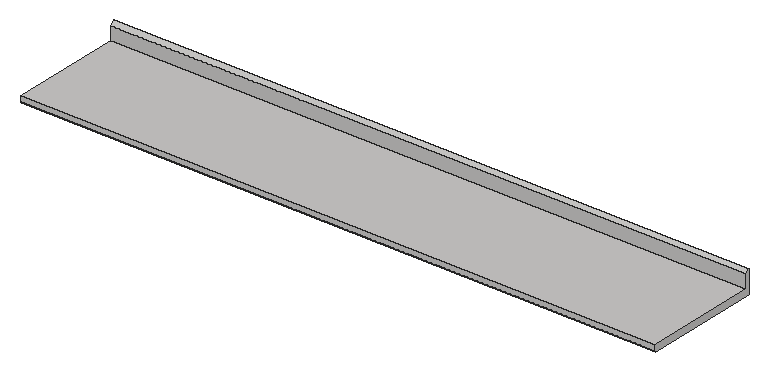
Revit family "QF_ELECTROLUXPROFESSIONAL_121176_TPLA38A", category Attrezzature speciali, Revit 2020
Family settings
  Quota connettore circolare = Usa diametro
  Tipo di parte = Normale
  Basato su piano di lavoro = No
  Sempre verticale = Sì
  Taglio con vuoti quando caricato = No
  Condiviso = No
  Punto di calcolo locali = No
Parameters (values of type "Standard")
  Weight = 120.00 kg
  Watts = 0 W
  Volts = 0 V
  URL Manufacturer = "https://www.electroluxprofessional.com/"
  URL = "https://www.electroluxprofessional.com/"
  Steam Supply Size = 0 mm
  Steam Supply Minimum Pressure = 0.0 Pa
  Steam Supply Maximum Pressure = 0.0 Pa
  Steam Consumption per Hour = 0
  Refrigeration Suction Line Size = 0.0 mm
  Refrigeration Liquid Line Size = 0.0 mm
  Refrigerant Compressor Remote = yes
  Prospetto di default = 0.0 mm
  Phase = 0
  Modello = "TPLA38A"
  Produttore = "Electrolux Professional"
  Length Actual = 3800.0 mm  # constant formula
  Item Number = "121176"
  Hot Water Size = 0 mm
  Height Actual = 140.0 mm  # constant formula
  HP = "0 HP"
  Gas Size = 0 mm
  Gas KW = 0
  Gas Input Pressure = 0 W
  Direct Waste Size = 0 mm
  Descrizione = "WORK TOP WITH UPSTAND 3800MM"
  Depth Actual = 700.0 mm  # constant formula
  Cycle = 0 Hz
  Condensate Return Size = 0 mm
  Compressed Air Volume = 0.0 L/s
  Compressed Air Size = 0 mm
  Compressed Air Pressure = 0.0 Pa
  Cold Water Size = 0 mm
  Accessory = yes
Reference planes
  plane 1 "Center (Front/Back)": y = 0
  plane 2: z = 0
  plane 3 "Center (Left/Right)": x = -1400
  plane 4 "LEFT": x = -3300
  plane 5 "RIGHT": x = 500
  plane 6 "BACK": y = 350
  plane 7 "FRONT": y = -350
  plane 8 "TOP": z = 1000
  plane 9: z = 900
  plane 10: z = 860
Forms (mm)
  Extrusion 1, solid, material "QF_Finishes_Stainless Steel"
    sketch origin (-1400, 0, 0) x (0, 1, 0) y (0, 0, 1)
      loop
        line (350, 1000) -> (330, 980) -> (330, 900) -> (-350, 900) -> (-350, 870) -> (-340, 860) -> (350, 860) -> (350, 1000)
    from 1900 to -1900
Lines and regions (mm)
  symbolic lines
    curve 1: line (500, 350, 1000) -> (-3300, 350, 1000)
    curve 2: line (-3300, 350, 1000) -> (-3300, -350, 1000)
    curve 3: line (-3300, -350, 1000) -> (500, -350, 1000)
    curve 4: line (500, -350, 1000) -> (500, 350, 1000)
    curve 5: line (-3300, 330, 1000) -> (500, 330, 1000)
Dimensions and locks
  plane 4 "LEFT" to plane 5 "RIGHT" = 3800.0 mm
  equal spacing: plane 4 "LEFT", plane 3 "Center (Left/Right)", plane 5 "RIGHT"
  plane 6 "BACK" to plane 7 "FRONT" = 700.0 mm
  equal spacing: plane 6 "BACK", plane 1 "Center (Front/Back)", plane 7 "FRONT"
  locked: plane 8 "TOP" to plane 9 at 100
  locked: plane 6 "BACK" to Extrusion 1 sketch curve at 20
  plane 10 to level = 860.0 mm
  plane 8 "TOP" to plane 10 = 140.0 mm
  aligned and locked: level to plane 2
  aligned and locked: Extrusion 1 to plane 4 "LEFT"
  aligned and locked: plane 5 "RIGHT" to Extrusion 1
  aligned and locked: curve 2 to plane 4 "LEFT"
  aligned and locked: Extrusion 1 sketch curve to plane 9
  aligned and locked: Extrusion 1 sketch curve to plane 6 "BACK"
  aligned and locked: plane 7 "FRONT" to Extrusion 1 sketch curve
  aligned and locked: plane 10 to Extrusion 1 sketch curve
Automatic sketch dimensions
  curve 3 to plane 7 "FRONT" = 0.0 mm
  curve 4 to plane 5 "RIGHT" = 0.0 mm
  curve 4 to plane 6 "BACK" = 0.0 mm
  curve 5 to plane 6 "BACK" = 20.0 mm
  Extrusion 1 sketch curve to plane 8 "TOP" = 0.0 mm
  Extrusion 1 sketch curve to plane 8 "TOP" = 20.0 mm
  plane 7 "FRONT" to Extrusion 1 sketch curve = 10.0 mm
  level to Extrusion 1 sketch curve = 870.0 mm
